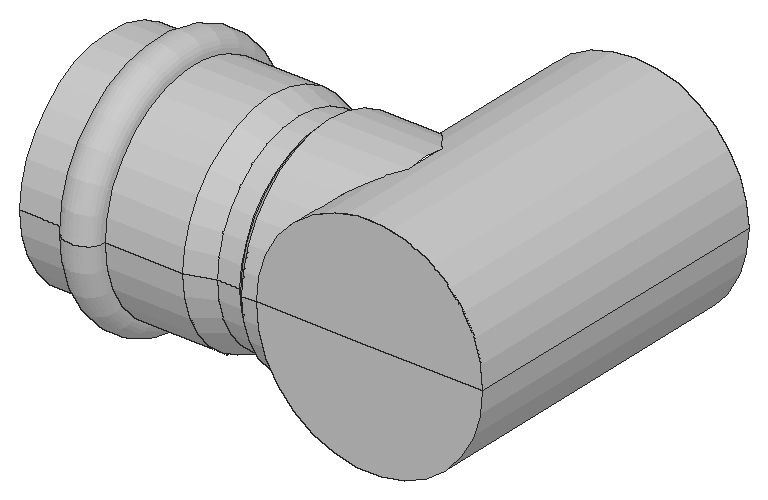
Revit family "VTi.952.I_Пресс-угольник_внутр_Нерж_VALTEC", category Обобщенные модели, Revit 2023
Family settings
  Может служить основой для арматурных стержней = Нет
  Размер круглого соединителя = Использовать диаметр
  Тип детали = Нормальный
  На основе рабочей плоскости = Нет
  Всегда вертикально = Да
  При загрузке вырезать с полостями = Нет
  Сохранять ориентацию аннотаций = Нет
  Общий = Нет
  Точка принадлежности помещению = Нет
Parameters
  Отметка по умолчанию = 0.00 mm
  l9 [instance] = size_lookup(LT, "l9", 77.00 mm, dn1, dn2)  # 19.00 mm
  l8 [instance] = size_lookup(LT, "l8", 77.00 mm, dn1, dn2)  # 19.50 mm
  l7 [instance] = size_lookup(LT, "l7", 77.00 mm, dn1, dn2)  # 22.00 mm
  l6 [instance] = size_lookup(LT, "l6", 77.00 mm, dn1, dn2)  # 1.50 mm
  l5 [instance] = size_lookup(LT, "l5", 77.00 mm, dn1, dn2)  # 4.00 mm
  l4 [instance] = size_lookup(LT, "l4", 77.00 mm, dn1, dn2)  # 4.50 mm
  l3 [instance] = size_lookup(LT, "l3", 77.00 mm, dn1, dn2)  # 13.50 mm
  l2 [instance] = size_lookup(LT, "l2", 77.00 mm, dn1, dn2)  # 7.00 mm
  l10 [instance] = size_lookup(LT, "l10", 77.00 mm, dn1, dn2)  # 38.00 mm
  l1 [instance] = size_lookup(LT, "l1", 77.00 mm, dn1, dn2)  # 7.50 mm
  h_выступа [instance] = size_lookup(LT, "h_выступа", 77.00 mm, dn1, dn2)  # 2.97 mm
  dn2 [instance] = 28 mm
  dn1 [instance] = 35 mm
  d2 [instance] = size_lookup(LT, "d2", 77.00 mm, dn1, dn2)  # 38.00 mm
  d1 [instance] = size_lookup(LT, "d1", 77 mm, dn1, dn2)  # 35 mm
  d [instance] = size_lookup(LT, "d", 77 mm, dn1, dn2)  # 38.3 mm
  LT = "VTi.952.I_Пресс-угольник_внутр_Нерж_VALTEC"  # constant formula
  ADSK_Примечание [instance] = ""
  ADSK_Позиция [instance] = ""
  ADSK_Обозначение [instance] = ADSK_Марка  # "VTi.952.I.003506"
  ADSK_Наименование [instance] = size_lookup(LT, "", "Типоразмер не найден", dn1, dn2)  # "Фитинг из нержавеющей стали-пресс-угольник с внутренней резьбой 35 мм х 1\""
  ADSK_Материал = Сталь, нержавеющая - VALTEC
  ADSK_Масса [instance] = size_lookup(LT, "ADSK_Масса", 0, dn1, dn2)  # 0.258
  ADSK_Марка [instance] = size_lookup(LT, "ADSK_Марка", "Типоразмер не найден", dn1, dn2)  # "VTi.952.I.003506"
  ADSK_Количество = 1  # constant formula
  ADSK_Код изделия [instance] = "VTi.952.I"  # constant formula
  ADSK_Завод-изготовитель [instance] = "VALTEC"  # constant formula
  ADSK_Единица измерения = "шт."  # constant formula
Reference planes
  plane 1 "По центру (Вперед/Назад)": y = 0
  plane 2: z = 0
  plane 3 "По центру (Влево/Вправо)": x = 0
  plane 4: x = -23.5
  plane 5: y = 38
  plane 6: y = -19
  plane 7: x = 19.5
  plane 8: x = -22
Forms (mm)
  Revolve 1, solid, material "Сталь, нержавеющая - VALTEC" <- "ADSK_Материал"
    sketch origin (0, 0, 0) x (1, 0, 0) y (0, 1, 0)
      loop
        line (19.5, 38) -> (0, 38) -> (0, -19) -> (19.5, -19) -> (19.5, 38)
      axis (0, 38) -> (0, -19)
    angle from 0 to 360
  Revolve 2, solid, material "Сталь, нержавеющая - VALTEC" <- "ADSK_Материал"
    sketch origin (0, 0, 0) x (1, 0, 0) y (0, 1, 0)
      loop
        line (-22, 0) -> (-22, -19) -> (0, -19) -> (0, 0) -> (-22, 0)
      axis (-22, 0) -> (0, 0)
    angle from 0 to 360
  SweptBlend 3, solid, material "Сталь, нержавеющая - VALTEC" <- "ADSK_Материал"
    path in 3D
      loop
        line (-23.5, 0, 0) -> (-22, 0, 0)
    profile origin (-23.5, 0, 0) x (0, 1, 0) y (0, 0, 1)
      loop
        circle (0, 0) r 17.5
    end profile origin (-22, 0, 0) x (0, 1, 0) y (0, 0, 1)
      loop
        circle (0, 0) r 19
Cuts and joins
  joined: Revolve 1, Revolve 2, SweptBlend 3
Lines and regions (mm)
  model lines
    curve 1: line (0, 38, 0) -> (0, -19, 0)
    curve 2: line (-22, 0, 0) -> (19.5, 0, 0)
    curve 3: line (-23.5, 0, 0) -> (-22, 0, 0)
  sketch lines
    curve 4: line (-23.5, 0, 0) -> (-22, 0, 0)
Dimensions and locks
  "l9": plane 6 to plane 1 "По центру (Вперед/Назад)"
  "l10": plane 1 "По центру (Вперед/Назад)" to plane 5
  "l8": plane 3 "По центру (Влево/Вправо)" to plane 7
  "l7": plane 8 to plane 3 "По центру (Влево/Вправо)"
  "l6": plane 4 to plane 8
  "d1": diameter of SweptBlend 3 sketch curve
  "d2": diameter of SweptBlend 3 sketch curve
  aligned and locked: level to plane 2
  aligned and locked: nested 1 to plane 4
  aligned and locked: plane 1 "По центру (Вперед/Назад)" to nested 1
  aligned and locked: plane 5 to curve 1
  aligned and locked: plane 6 to curve 1
  aligned and locked: curve 1 to plane 3 "По центру (Влево/Вправо)"
  aligned and locked: plane 8 to curve 2
  aligned and locked: plane 7 to curve 2
  aligned and locked: plane 1 "По центру (Вперед/Назад)" to curve 2
  aligned and locked: plane 4 to curve 3
  aligned and locked: plane 1 "По центру (Вперед/Назад)" to curve 3
  aligned and locked: plane 3 "По центру (Влево/Вправо)" to Revolve 1 sketch curve
  aligned and locked: Revolve 1 sketch curve to plane 7
  aligned and locked: plane 6 to Revolve 1 sketch curve
  aligned and locked: Revolve 2 sketch curve to curve 2
  aligned and locked: Revolve 2 sketch curve to plane 6
  aligned and locked: plane 8 to Revolve 2 sketch curve
  aligned and locked: plane 1 "По центру (Вперед/Назад)" to Revolve 2 sketch curve
  aligned and locked: Revolve 1 sketch curve to plane 5
  aligned and locked: Revolve 1 sketch curve to plane 3 "По центру (Влево/Вправо)"
  aligned and locked: Revolve 2 sketch curve to plane 3 "По центру (Влево/Вправо)"
Automatic sketch dimensions
  Revolve 2 sketch curve to plane 8 = 0.00 mm
  Revolve 2 sketch curve to plane 7 = 0.00 mm
  Revolve 1 sketch curve to plane 6 = 0.00 mm
  Revolve 1 sketch curve to plane 5 = 0.00 mm
  SweptBlend 3 sketch curve to profile plane = 0.00 mm  (x4)
Nested families
  nested 1: "Патрубок" at (-23.5, 0, 0), d <- "d", d1 <- "d1", h_выступа <- "h_выступа", l1 <- "l1", l2 <- "l2", l3 <- "l3", l4 <- "l4", l5 <- "l5", ADSK_Материал <- "ADSK_Материал", type "Патрубок"
    with l5 4.00 mm, l4 4.50 mm, l3 13.50 mm, l2 7.00 mm, l1 7.50 mm, h_выступа 2.97 mm, d1 35.00 mm, d 38.30 mm, ADSK_Материал Сталь, нержавеющая - VALTEC
Connectors
  piping at (-60, 0, 0), diameter 35, driven by "dn1"
    settings: on nested 1, index 1, connector inside diameter 609.6 mm, connector length 0.00 mm, flow factor 0, pipe flow 0.0 L/s, pressure drop 0.0 Pa, fitting loss kfactor 0, connector angle 0.00°, fixture units 0, engagement length 0.00 mm, angle of deflection 0.00°, flow configuration 0, flow direction 0, fitting loss method 0, system type 28, joint type 0, gender type 0, connector reference index -1, connector utility 0, adjustable connector no, is connector primary yes, connector description ""
  piping at (0, 25, 0), diameter 28, driven by "dn2"
    settings: on Revolve 1, index 2, connector inside diameter 609.6 mm, connector length 0.00 mm, flow factor 0, pipe flow 0.0 L/s, pressure drop 0.0 Pa, fitting loss kfactor 0, connector angle 0.00°, fixture units 0, engagement length 0.00 mm, angle of deflection 0.00°, flow configuration 0, flow direction 0, fitting loss method 0, system type 28, joint type 0, gender type 0, connector reference index -1, connector utility 0, adjustable connector no, is connector primary no, connector description ""
Definition of nested family "Патрубок"
  Parameters (values of type "Патрубок")
    Default Elevation = 0.00 mm
    l5 [instance] = 8.50 mm
    l4 [instance] = 1.50 mm
    l3 [instance] = 8.00 mm
    l2 [instance] = 7.00 mm
    l1 [instance] = 5.50 mm
    h_выступа [instance] = 2.50 mm
    d1 [instance] = 13.50 mm
    d [instance] = 14.70 mm
    ADSK_Материал [instance] = none
  Reference planes
    plane 1 "По центру (Вперед/Назад)": y = 0
    plane 2: z = 0
    plane 3 "По центру (Влево/Вправо)": x = 0
    plane 4: y = 7.35
    plane 5: y = -7.35
    plane 6: x = -18
    plane 7: x = -10
    plane 8: x = -8.5
    plane 9: x = -25
    plane 10: x = -30.5
  Forms (mm)
    Revolve 1, solid, material <- "ADSK_Материал"
      sketch origin (0, 0, 0) x (1, 0, 0) y (0, 1, 0)
        loop
          line (-30.5, 0) -> (-10, 0) -> (-10, 7.35) -> (-18, 7.35)
          spline (-18, 7.35) -> (-18.119, 7.997) -> (-18.469, 8.6) -> (-19.025, 9.118) -> (-19.75, 9.515) -> (-20.594, 9.765) -> (-21.5, 9.85) -> (-22.406, 9.765) -> (-23.25, 9.515) -> (-23.975, 9.118) -> (-24.531, 8.6) -> (-24.881, 7.997) -> (-25, 7.35)
          line (-25, 7.35) -> (-30.5, 7.35) -> (-30.5, 0)
        axis (-30.5, 0) -> (-10, 0)
      angle from 0 to 360
    SweptBlend 2, solid, material <- "ADSK_Материал"
      path in 3D
        loop
          line (-10, 0, 0) -> (-8.5, 0, 0)
      profile origin (-10, 0, 0) x (0, 1, 0) y (0, 0, 1)
        loop
          circle (0, 0) r 7.35
      end profile origin (-8.5, 0, 0) x (0, 1, 0) y (0, 0, 1)
        loop
          circle (0, 0) r 6.75
    Sweep 3, solid, material <- "ADSK_Материал"
      path in 3D
        loop
          line (-8.5, 0, 0) -> (0, 0, 0)
      profile origin (-4.25, 0, 0) x (0, 1, 0) y (0, 0, 1)
        loop
          circle (0, 0) r 6.75
  Cuts and joins
    joined: Revolve 1, SweptBlend 2, Sweep 3
  Lines and regions (mm)
    model lines
      curve 1: line (-30.5, 0, 0) -> (-10, 0, 0)
      curve 2: line (-10, 0, 0) -> (-8.5, 0, 0)
      curve 3: line (-8.5, 0, 0) -> (0, 0, 0)
    sketch lines
      curve 4: line (-10, 0, 0) -> (-8.5, 0, 0)
      curve 5: line (-8.5, 0, 0) -> (0, 0, 0)
  Dimensions and locks
    equal spacing: plane 5, plane 1 "По центру (Вперед/Назад)", plane 4
    "d": plane 5 to plane 4
    "l3": plane 6 to plane 7
    "l4": plane 7 to plane 8
    "l5": plane 8 to plane 3 "По центру (Влево/Вправо)"
    "l2": plane 9 to plane 6
    "l1": plane 10 to plane 9
    "h_выступа": Revolve 1 sketch curve to Revolve 1 sketch curve
    "d": diameter of SweptBlend 2 sketch curve
    "d1": diameter of SweptBlend 2 sketch curve
    "d1": diameter of Sweep 3 sketch curve
    aligned and locked: level to plane 2
    aligned and locked: plane 3 "По центру (Влево/Вправо)" to curve 3
    aligned and locked: plane 8 to curve 3
    aligned and locked: plane 7 to curve 2
    aligned and locked: plane 10 to curve 1
    aligned and locked: plane 1 "По центру (Вперед/Назад)" to curve 1
    aligned and locked: plane 1 "По центру (Вперед/Назад)" to curve 2
    aligned and locked: plane 1 "По центру (Вперед/Назад)" to curve 3
    aligned and locked: plane 10 to Revolve 1 sketch curve
    aligned and locked: plane 7 to Revolve 1 sketch curve
    aligned and locked: plane 4 to Revolve 1 sketch curve  (x2)
    aligned and locked: Revolve 1 sketch curve to plane 1 "По центру (Вперед/Назад)"
    aligned and locked: Revolve 1 sketch curve to curve 1
  Automatic sketch dimensions
    Revolve 1 sketch curve to plane 10 = 0.00 mm
    Revolve 1 sketch curve to plane 9 = 0.00 mm
    Revolve 1 sketch curve to plane 6 = 0.00 mm
    Revolve 1 sketch curve to plane 7 = 0.00 mm
    SweptBlend 2 sketch curve to profile plane = 0.00 mm  (x4)
    Sweep 3 sketch curve to profile plane = 0.00 mm  (x2)
